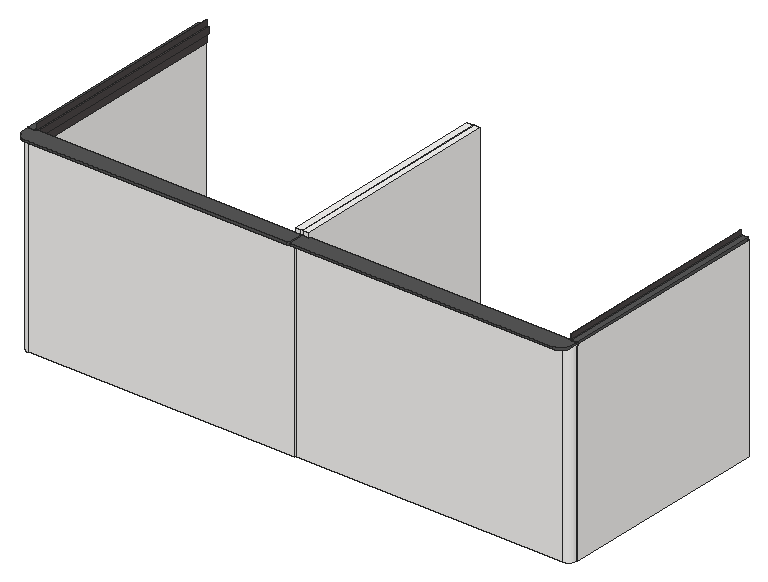
Revit family "vanity unit with 2 drawers for consoles with countertop basin ground", category Furniture, Revit 2019 (continued)
Types (48, lengths in mm): name | WEIGHT | Vanity unit 1560_550 with 2 drawers for consoles with countertop basin ground-54073700-Dark Walnut-MATT_WHITE-400_RX0RY0RZ0TX0TY0TZ0_V | Vanity unit 1560_550 with 2 drawers for consoles with countertop basin ground-54073700-Dark Walnut-MATT_WHITE-200_RX0RY0RZ0TX0TY0TZ0_V | Vanity unit 1560_550 with 2 drawers for consoles with countertop basin ground-54073670-Dark Walnut-MATT_BLACK-400_RX0RY0RZ0TX0TY0TZ0_V | Vanity unit 1560_550 with 2 drawers for consoles with countertop basin ground-54073670-Dark Walnut-MATT_BLACK-200_RX0RY0RZ0TX0TY0TZ0_V | Vanity unit 1560_550 with 2 drawers for consoles with countertop basin ground-54073000-Dark Walnut-CHROME-400_RX0RY0RZ0TX0TY0TZ0_V | Vanity unit 1560_550 with 2 drawers for consoles with countertop basin ground-54073000-Dark Walnut-CHROME-200_RX0RY0RZ0TX0TY0TZ0_V | Vanity unit 1560_550 with 2 drawers for consoles with countertop basin ground-54072700-Natural Oak-MATT_WHITE-400_RX0RY0RZ0TX0TY0TZ0_V | Vanity unit 1560_550 with 2 drawers for consoles with countertop basin ground-54072700-Natural Oak-MATT_WHITE-200_RX0RY0RZ0TX0TY0TZ0_V | Vanity unit 1560_550 with 2 drawers for consoles with countertop basin ground-54072670-Natural Oak-MATT_BLACK-400_RX0RY0RZ0TX0TY0TZ0_V | Vanity unit 1560_550 with 2 drawers for consoles with countertop basin ground-54072670-Natural Oak-MATT_BLACK-200_RX0RY0RZ0TX0TY0TZ0_V | Vanity unit 1560_550 with 2 drawers for consoles with countertop basin ground-54072000-Natural Oak-CHROME-400_RX0RY0RZ0TX0TY0TZ0_V | Vanity unit 1560_550 with 2 drawers for consoles with countertop basin ground-54072000-Natural Oak-CHROME-200_RX0RY0RZ0TX0TY0TZ0_V | Vanity unit 1560_550 with 2 drawers for consoles with countertop basin ground-54071700-Diamond Matt Grey-MATT_WHITE-400_RX0RY0RZ0TX0TY0TZ0_V | Vanity unit 1560_550 with 2 drawers for consoles with countertop basin ground-54071700-Diamond Matt Grey-MATT_WHITE-200_RX0RY0RZ0TX0TY0TZ0_V | Vanity unit 1560_550 with 2 drawers for consoles with countertop basin ground-54071670-Diamond Matt Grey-MATT_BLACK-400_RX0RY0RZ0TX0TY0TZ0_V | Vanity unit 1560_550 with 2 drawers for consoles with countertop basin ground-54071670-Diamond Matt Grey-MATT_BLACK-200_RX0RY0RZ0TX0TY0TZ0_V | Vanity unit 1560_550 with 2 drawers for consoles with countertop basin ground-54071000-Diamond Matt Grey-CHROME-400_RX0RY0RZ0TX0TY0TZ0_V | Vanity unit 1560_550 with 2 drawers for consoles with countertop basin ground-54071000-Diamond Matt Grey-CHROME-200_RX0RY0RZ0TX0TY0TZ0_V | Vanity unit 1560_550 with 2 drawers for consoles with countertop basin ground-54070700-High Gloss White-MATT_WHITE-400_RX0RY0RZ0TX0TY0TZ0_V | Vanity unit 1560_550 with 2 drawers for consoles with countertop basin ground-54070700-High Gloss White-MATT_WHITE-200_RX0RY0RZ0TX0TY0TZ0_V | Vanity unit 1560_550 with 2 drawers for consoles with countertop basin ground-54070670-High Gloss White-MATT_BLACK-400_RX0RY0RZ0TX0TY0TZ0_V | Vanity unit 1560_550 with 2 drawers for consoles with countertop basin ground-54070670-High Gloss White-MATT_BLACK-200_RX0RY0RZ0TX0TY0TZ0_V | Vanity unit 1560_550 with 2 drawers for consoles with countertop basin ground-54070000-High Gloss White-CHROME-400_RX0RY0RZ0TX0TY0TZ0_V | Vanity unit 1560_550 with 2 drawers for consoles with countertop basin ground-54070000-High Gloss White-CHROME-200_RX0RY0RZ0TX0TY0TZ0_V | Vanity unit 1360_550 with 2 drawers for consoles with countertop basin ground-54069700-Dark Walnut-MATT_WHITE-400_RX0RY0RZ0TX0TY0TZ0_V | Vanity unit 1360_550 with 2 drawers for consoles with countertop basin ground-54069700-Dark Walnut-MATT_WHITE-200_RX0RY0RZ0TX0TY0TZ0_V | Vanity unit 1360_550 with 2 drawers for consoles with countertop basin ground-54069670-Dark Walnut-MATT_BLACK-400_RX0RY0RZ0TX0TY0TZ0_V | Vanity unit 1360_550 with 2 drawers for consoles with countertop basin ground-54069670-Dark Walnut-MATT_BLACK-200_RX0RY0RZ0TX0TY0TZ0_V | Vanity unit 1360_550 with 2 drawers for consoles with countertop basin ground-54069000-Dark Walnut-CHROME-400_RX0RY0RZ0TX0TY0TZ0_V | Vanity unit 1360_550 with 2 drawers for consoles with countertop basin ground-54069000-Dark Walnut-CHROME-200_RX0RY0RZ0TX0TY0TZ0_V | Vanity unit 1360_550 with 2 drawers for consoles with countertop basin ground-54068700-Natural Oak-MATT_WHITE-400_RX0RY0RZ0TX0TY0TZ0_V | Vanity unit 1360_550 with 2 drawers for consoles with countertop basin ground-54068700-Natural Oak-MATT_WHITE-200_RX0RY0RZ0TX0TY0TZ0_V | Vanity unit 1360_550 with 2 drawers for consoles with countertop basin ground-54068670-Natural Oak-MATT_BLACK-400_RX0RY0RZ0TX0TY0TZ0_V | Vanity unit 1360_550 with 2 drawers for consoles with countertop basin ground-54068670-Natural Oak-MATT_BLACK-200_RX0RY0RZ0TX0TY0TZ0_V | Vanity unit 1360_550 with 2 drawers for consoles with countertop basin ground-54068000-Natural Oak-CHROME-400_RX0RY0RZ0TX0TY0TZ0_V | Vanity unit 1360_550 with 2 drawers for consoles with countertop basin ground-54068000-Natural Oak-CHROME-200_RX0RY0RZ0TX0TY0TZ0_V | Vanity unit 1360_550 with 2 drawers for consoles with countertop basin ground-54067700-Diamond Matt Grey-MATT_WHITE-400_RX0RY0RZ0TX0TY0TZ0_V | Vanity unit 1360_550 with 2 drawers for consoles with countertop basin ground-54067700-Diamond Matt Grey-MATT_WHITE-200_RX0RY0RZ0TX0TY0TZ0_V | Vanity unit 1360_550 with 2 drawers for consoles with countertop basin ground-54067670-Diamond Matt Grey-MATT_BLACK-400_RX0RY0RZ0TX0TY0TZ0_V | Vanity unit 1360_550 with 2 drawers for consoles with countertop basin ground-54067670-Diamond Matt Grey-MATT_BLACK-200_RX0RY0RZ0TX0TY0TZ0_V | Vanity unit 1360_550 with 2 drawers for consoles with countertop basin ground-54067000-Diamond Matt Grey-CHROME-400_RX0RY0RZ0TX0TY0TZ0_V | Vanity unit 1360_550 with 2 drawers for consoles with countertop basin ground-54067000-Diamond Matt Grey-CHROME-200_RX0RY0RZ0TX0TY0TZ0_V | Vanity unit 1360_550 with 2 drawers for consoles with countertop basin ground-54066700-High Gloss White-MATT_WHITE-400_RX0RY0RZ0TX0TY0TZ0_V | Vanity unit 1360_550 with 2 drawers for consoles with countertop basin ground-54066700-High Gloss White-MATT_WHITE-200_RX0RY0RZ0TX0TY0TZ0_V | Vanity unit 1360_550 with 2 drawers for consoles with countertop basin ground-54066670-High Gloss White-MATT_BLACK-400_RX0RY0RZ0TX0TY0TZ0_V | Vanity unit 1360_550 with 2 drawers for consoles with countertop basin ground-54066670-High Gloss White-MATT_BLACK-200_RX0RY0RZ0TX0TY0TZ0_V | Vanity unit 1360_550 with 2 drawers for consoles with countertop basin ground-54066000-High Gloss White-CHROME-400_RX0RY0RZ0TX0TY0TZ0_V | Vanity unit 1360_550 with 2 drawers for consoles with countertop basin ground-54066000-High Gloss White-CHROME-200_RX0RY0RZ0TX0TY0TZ0_V | SURFACE | PRODUCTURL | PERMALINK | OBERFLAECHE | NB | NAME | Model | MIdent | LODLEVEL | LINA | L | GTINCODE | BASENUMBER | ARTNR
  Vanity unit 1560_550 with 2 drawers for consoles with countertop basin ground-54073670-Dark Walnut-MATT_BLACK-400 | "49.1" | no | no | yes | no | no | no | no | no | no | no | no | no | no | no | no | no | no | no | no | no | no | no | no | no | no | no | no | no | no | no | no | no | no | no | no | no | no | no | no | no | no | no | no | no | no | no | no | no | "MATT_BLACK" | "https://pro.hansgrohe.com/articledetail--54073000" | "54073XXX" | "Dark Walnut" | "Vanity unit 1560/550 with 2 drawers for consoles with countertop basin ground-54073670-Dark Walnut-MATT_BLACK-400" | "Xelu Q Vanity unit Dark Walnut 1560/550 with 2 drawers for consoles with countertop basin ground" | "Vanity unit 1560/550 with 2 drawers for consoles with countertop basin ground-54073670-Dark Walnut-MATT_BLACK-400" | "{$CADENAS_DATA/23d-libs/hansgrohe/xelu_furniture/vanity_unit_with_2_drawers_for_consoles_countertop/vanity_unit_2_drawers_for_consoles_countertop.prj},437 {VTYP=3D},{NB=Vanity unit 1560/550 with 2 drawers for consoles with countertop basin ground-54073670-Dark Walnut-MATT_BLACK-400},{LINA=Vanity unit 1560/550 with 2 drawers for consoles with countertop basin ground-54073670-Dark Walnut-MATT_BLACK-400},{NN=Vanity Unit with 2 Drawers for consoles with countertop basin ground},{DATE=13.03.2023 02:42:47},{GEOMDATE=08.03.2023 14:02:26},{VERSION=},{LINEID=240},{WBVAR=LODLEVEL},{WBNUMERIC=}  {NB=Vanity unit 1560/550 with 2 drawers for consoles with countertop basin ground-54073670-Dark Walnut-MATT_BLACK-400},{LINA=Vanity unit 1560/550 with 2 drawers for consoles with countertop basin ground-54073670-Dark Walnut-MATT_BLACK-400},{KT=DUMMY},{IDNR=24},{ARTNR=54073670},{BASENUMBER=Vanity unit 1560/550 with 2 drawers for consoles with countertop basin ground},{MODEL=54073XXX},{OBERFLAECHE=Dark Walnut},{SURFACE=MATT_BLACK},{L=1560},{LODLEVEL=400},{LODLEVELX='400','400','200','200'},{NAME=Xelu Q Vanity unit Dark Walnut 1560/550 with 2 drawers for consoles with countertop basin ground},{PERMALINK=54073XXX},{OBJECTTYPE=Object (single object)},{BIMOBJECT=Sanitary: Compound units},{PRODUCTFAMILY=Xelu Q},{PRODUCTGROUP=vanity unit},{WEIGHT=49.1},{DESCRIPTION=Xelu Q Vanity unit Dark Walnut 1560/550 with 2 drawers for consoles with countertop basin ground},{SPECIFICATION=},{PRODUCTURL=https://pro.hansgrohe.com/articledetail--54073000},{GTINCODE=4059625456569},{TENDERURL=},{IFC=Furnishing element},{ETIM=EC011381 | Bathroom furniture set},{UNICLASS2015=Pr_40_30_78_05 | Bathroom furniture},{OMNICLASS=23-21 19 15 33 13 | Residential Bathroom Specialty Casework},{MASTERFORMAT=12 35 30.23 | Bathroom Casework},{UNSPSC=56 | Furniture and Furnishings},{UNIFORMATII=E2010 | Fixed Furnishings},{REGIONSET=Worldwide},{DESIGN=Germany},{MANUFACTURER=Germany}" | "400" | "Vanity unit 1560/550 with 2 drawers for consoles with countertop basin ground-54073670-Dark Walnut-MATT_BLACK-400" | 1560 | "4059625456569" | "Vanity unit 1560/550 with 2 drawers for consoles with countertop basin ground" | "54073670"
  Vanity unit 1560_550 with 2 drawers for consoles with countertop basin ground-54073700-Dark Walnut-MATT_WHITE-200 | "49.1" | no | yes | no | no | no | no | no | no | no | no | no | no | no | no | no | no | no | no | no | no | no | no | no | no | no | no | no | no | no | no | no | no | no | no | no | no | no | no | no | no | no | no | no | no | no | no | no | no | "MATT_WHITE" | "https://pro.hansgrohe.com/articledetail--54073000" | "54073XXX" | "Dark Walnut" | "Vanity unit 1560/550 with 2 drawers for consoles with countertop basin ground-54073700-Dark Walnut-MATT_WHITE-200" | "Xelu Q Vanity unit Dark Walnut 1560/550 with 2 drawers for consoles with countertop basin ground" | "Vanity unit 1560/550 with 2 drawers for consoles with countertop basin ground-54073700-Dark Walnut-MATT_WHITE-200" | "{$CADENAS_DATA/23d-libs/hansgrohe/xelu_furniture/vanity_unit_with_2_drawers_for_consoles_countertop/vanity_unit_2_drawers_for_consoles_countertop.prj},437 {VTYP=3D},{NB=Vanity unit 1560/550 with 2 drawers for consoles with countertop basin ground-54073700-Dark Walnut-MATT_WHITE-200},{LINA=Vanity unit 1560/550 with 2 drawers for consoles with countertop basin ground-54073700-Dark Walnut-MATT_WHITE-200},{NN=Vanity Unit with 2 Drawers for consoles with countertop basin ground},{DATE=13.03.2023 02:42:47},{GEOMDATE=08.03.2023 14:02:26},{VERSION=},{LINEID=230},{WBVAR=LODLEVEL},{WBNUMERIC=}  {NB=Vanity unit 1560/550 with 2 drawers for consoles with countertop basin ground-54073700-Dark Walnut-MATT_WHITE-200},{LINA=Vanity unit 1560/550 with 2 drawers for consoles with countertop basin ground-54073700-Dark Walnut-MATT_WHITE-200},{KT=DUMMY},{IDNR=23},{ARTNR=54073700},{BASENUMBER=Vanity unit 1560/550 with 2 drawers for consoles with countertop basin ground},{MODEL=54073XXX},{OBERFLAECHE=Dark Walnut},{SURFACE=MATT_WHITE},{L=1560},{LODLEVEL=200},{LODLEVELX='400','400','200','200'},{NAME=Xelu Q Vanity unit Dark Walnut 1560/550 with 2 drawers for consoles with countertop basin ground},{PERMALINK=54073XXX},{OBJECTTYPE=Object (single object)},{BIMOBJECT=Sanitary: Compound units},{PRODUCTFAMILY=Xelu Q},{PRODUCTGROUP=vanity unit},{WEIGHT=49.1},{DESCRIPTION=Xelu Q Vanity unit Dark Walnut 1560/550 with 2 drawers for consoles with countertop basin ground},{SPECIFICATION=},{PRODUCTURL=https://pro.hansgrohe.com/articledetail--54073000},{GTINCODE=4059625456569},{TENDERURL=},{IFC=Furnishing element},{ETIM=EC011381 | Bathroom furniture set},{UNICLASS2015=Pr_40_30_78_05 | Bathroom furniture},{OMNICLASS=23-21 19 15 33 13 | Residential Bathroom Specialty Casework},{MASTERFORMAT=12 35 30.23 | Bathroom Casework},{UNSPSC=56 | Furniture and Furnishings},{UNIFORMATII=E2010 | Fixed Furnishings},{REGIONSET=Worldwide},{DESIGN=Germany},{MANUFACTURER=Germany}" | "200" | "Vanity unit 1560/550 with 2 drawers for consoles with countertop basin ground-54073700-Dark Walnut-MATT_WHITE-200" | 1560 | "4059625456569" | "Vanity unit 1560/550 with 2 drawers for consoles with countertop basin ground" | "54073700"
  Vanity unit 1560_550 with 2 drawers for consoles with countertop basin ground-54073700-Dark Walnut-MATT_WHITE-400 | "49.1" | yes | no | no | no | no | no | no | no | no | no | no | no | no | no | no | no | no | no | no | no | no | no | no | no | no | no | no | no | no | no | no | no | no | no | no | no | no | no | no | no | no | no | no | no | no | no | no | no | "MATT_WHITE" | "https://pro.hansgrohe.com/articledetail--54073000" | "54073XXX" | "Dark Walnut" | "Vanity unit 1560/550 with 2 drawers for consoles with countertop basin ground-54073700-Dark Walnut-MATT_WHITE-400" | "Xelu Q Vanity unit Dark Walnut 1560/550 with 2 drawers for consoles with countertop basin ground" | "Vanity unit 1560/550 with 2 drawers for consoles with countertop basin ground-54073700-Dark Walnut-MATT_WHITE-400" | "{$CADENAS_DATA/23d-libs/hansgrohe/xelu_furniture/vanity_unit_with_2_drawers_for_consoles_countertop/vanity_unit_2_drawers_for_consoles_countertop.prj},437 {VTYP=3D},{NB=Vanity unit 1560/550 with 2 drawers for consoles with countertop basin ground-54073700-Dark Walnut-MATT_WHITE-400},{LINA=Vanity unit 1560/550 with 2 drawers for consoles with countertop basin ground-54073700-Dark Walnut-MATT_WHITE-400},{NN=Vanity Unit with 2 Drawers for consoles with countertop basin ground},{DATE=13.03.2023 02:42:47},{GEOMDATE=08.03.2023 14:02:26},{VERSION=},{LINEID=230},{WBVAR=LODLEVEL},{WBNUMERIC=}  {NB=Vanity unit 1560/550 with 2 drawers for consoles with countertop basin ground-54073700-Dark Walnut-MATT_WHITE-400},{LINA=Vanity unit 1560/550 with 2 drawers for consoles with countertop basin ground-54073700-Dark Walnut-MATT_WHITE-400},{KT=DUMMY},{IDNR=23},{ARTNR=54073700},{BASENUMBER=Vanity unit 1560/550 with 2 drawers for consoles with countertop basin ground},{MODEL=54073XXX},{OBERFLAECHE=Dark Walnut},{SURFACE=MATT_WHITE},{L=1560},{LODLEVEL=400},{LODLEVELX='400','400','200','200'},{NAME=Xelu Q Vanity unit Dark Walnut 1560/550 with 2 drawers for consoles with countertop basin ground},{PERMALINK=54073XXX},{OBJECTTYPE=Object (single object)},{BIMOBJECT=Sanitary: Compound units},{PRODUCTFAMILY=Xelu Q},{PRODUCTGROUP=vanity unit},{WEIGHT=49.1},{DESCRIPTION=Xelu Q Vanity unit Dark Walnut 1560/550 with 2 drawers for consoles with countertop basin ground},{SPECIFICATION=},{PRODUCTURL=https://pro.hansgrohe.com/articledetail--54073000},{GTINCODE=4059625456569},{TENDERURL=},{IFC=Furnishing element},{ETIM=EC011381 | Bathroom furniture set},{UNICLASS2015=Pr_40_30_78_05 | Bathroom furniture},{OMNICLASS=23-21 19 15 33 13 | Residential Bathroom Specialty Casework},{MASTERFORMAT=12 35 30.23 | Bathroom Casework},{UNSPSC=56 | Furniture and Furnishings},{UNIFORMATII=E2010 | Fixed Furnishings},{REGIONSET=Worldwide},{DESIGN=Germany},{MANUFACTURER=Germany}" | "400" | "Vanity unit 1560/550 with 2 drawers for consoles with countertop basin ground-54073700-Dark Walnut-MATT_WHITE-400" | 1560 | "4059625456569" | "Vanity unit 1560/550 with 2 drawers for consoles with countertop basin ground" | "54073700"
